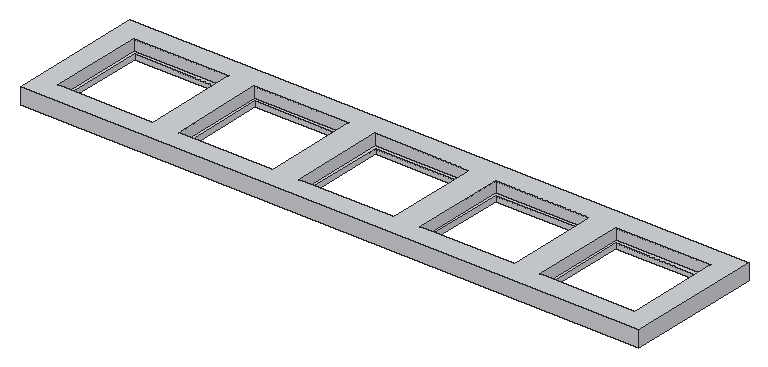
Revit family "Gira_021529", category Electrical Fixtures, host Face, Revit 2017
Family settings
  Host = Face
  Maintain Annotation Orientation = No
  Round Connector Dimension = Use Diameter
  Part Type = Normal
  Cut with Voids When Loaded = No
  Shared = No
  Room Calculation Point = No
Parameters (values of type "Cov.fr. 5-g Gira E2 p.white")
  With mounting grid = "No"
  With hinged lid = "No"
  URL = "http://katalog.gira.de/en/datenblatt.html?artikelnr=021529"
  Type of fastening = "Clamp mounting"
  Transparent = "No"
  Surface protection = "Other"
  Surface finishing = "Glossy"
  Suitable for wall duct = "No"
  Suitable for flush-mounted installation = "Yes"
  Suitable for floor box = "No"
  Suitable for built-in installation = "No"
  RAL-number (akin) = "9010"
  Number of units vertical = "5"
  Number of units horizontal = "5"
  Number of units = "5"
  Name = "Cov.fr. 5-g Gira E2 p.white"
  Mounting direction = "Horizontal and vertical"
  Material quality = "Thermoplastic"
  Material = "Plastic"
  Manufacturer URL = "https://www.gira.de/"
  Manufacturer = "Gira"
  Label space/information surface = "No"
  Keynote = ""
  HeinzeBIM = "https://bimportal.heinze.de/bim/cov-fr-5-g-gira-e2-p-white/96e8f5c18d2b8bbfb86580dad03402cc0c6295d3"
  Halogen free = "Yes"
  HAN = "021529"
  GTIN = "4010337215295"
  Description = "Cov.fr.5g E2 PW,Gira E2 cover frame,pure white glossy,5-gang,Features:,- Shatter-proof.,,Notes :,- Also suitable for duct installation.,- In connection with the seal kit, frame (1-gang to 5-gang) is also suitable for installation as water-protected flush-mounted IP44."
  Degree of protection (IP) = "IP20"
  Default Elevation = 1219.2 mm
  Data sheet (1) = "https://katalog.gira.de/en/download.html?artikelnr=021529"
  Colour = "White"
  Category = "Cover frame for domestic switching devices"
  BIM (1) = "https://media.stage.bim.site/public/gira/36a6b08/E2_Rahmen_5fach.rfa"
  Available = "No"
Reference planes
  plane 1 "Center (Front/Back)": y = 0
  plane 2: z = 0
  plane 3 "Center (Left/Right)": x = 0
Forms (mm)
  Extrusion 1, solid, detail levels fine
    sketch origin (0, 0, 0) x (1, 0, 0) y (0, 1, 0)
      loop
        line (183, 40.4) -> (-183, 40.4) -> (-183, -40.4) -> (183, -40.4) -> (183, 40.4)
      loop
        line (114.548, 28.052) -> (114.548, -28.052) -> (170.652, -28.052) -> (170.652, 28.052) -> (114.548, 28.052)
      loop
        line (43.248, 28.052) -> (43.248, -28.052) -> (99.352, -28.052) -> (99.352, 28.052) -> (43.248, 28.052)
      loop
        line (-28.052, 28.052) -> (-28.052, -28.052) -> (28.052, -28.052) -> (28.052, 28.052) -> (-28.052, 28.052)
      loop
        line (-99.352, 28.052) -> (-99.352, -28.052) -> (-43.248, -28.052) -> (-43.248, 28.052) -> (-99.352, 28.052)
      loop
        line (-170.652, 28.052) -> (-170.652, -28.052) -> (-114.548, -28.052) -> (-114.548, 28.052) -> (-170.652, 28.052)
    from 0 to 9.3
  Extrusion 2, solid, detail levels fine
    sketch origin (-142.5, 0, 0) x (1, 0, 0) y (0, 1, 0)
      loop
        line (-28.152, -28.152) -> (28.152, -28.152) -> (28.152, 28.152) -> (-28.152, 28.152) -> (-28.152, -28.152)
      loop
        line (25.9, -25.7) -> (25.9, 25.7) -> (-25.9, 25.7) -> (-25.9, -25.7) -> (25.9, -25.7)
    from 0 to 3
  Extrusion 3, solid, detail levels coarse+medium
    sketch origin (0, 0, 0) x (1, 0, 0) y (0, 1, 0)
      loop
        line (183, 40.4) -> (-183, 40.4) -> (-183, -40.4) -> (183, -40.4) -> (183, 40.4)
    from 0 to 9.3
  Extrusion 4, solid, detail levels fine
    sketch origin (0.1, -0.047, 0) x (1, 0, 0) y (0, 1, 0)
      loop
        line (-28.152, -28.106) -> (28.152, -28.106) -> (28.152, 28.199) -> (-28.152, 28.199) -> (-28.152, -28.106)
      loop
        line (25.9, -25.653) -> (25.9, 25.747) -> (-25.9, 25.747) -> (-25.9, -25.653) -> (25.9, -25.653)
    from 0 to 3
  Extrusion 5, solid, detail levels fine
    sketch origin (142.5, -0.047, 0) x (1, 0, 0) y (0, 1, 0)
      loop
        line (-27.952, -28.006) -> (28.152, -28.006) -> (28.152, 28.099) -> (-27.952, 28.099) -> (-27.952, -28.006)
      loop
        line (26, -25.653) -> (26, 25.747) -> (-25.9, 25.747) -> (-25.9, -25.653) -> (26, -25.653)
    from 0 to 3
  Extrusion 6, solid, detail levels fine
    sketch origin (71.2, -0.047, 0) x (1, 0, 0) y (0, 1, 0)
      loop
        line (-27.952, -28.006) -> (28.152, -28.006) -> (28.152, 28.099) -> (-27.952, 28.099) -> (-27.952, -28.006)
      loop
        line (26, -25.653) -> (26, 25.747) -> (-25.9, 25.747) -> (-25.9, -25.653) -> (26, -25.653)
    from 0 to 3
  Extrusion 7, solid, detail levels fine
    sketch origin (-71.2, -0.047, 0) x (1, 0, 0) y (0, 1, 0)
      loop
        line (-28.152, -28.106) -> (28.152, -28.106) -> (28.152, 28.199) -> (-28.152, 28.199) -> (-28.152, -28.106)
      loop
        line (25.9, -25.653) -> (25.9, 25.747) -> (-25.9, 25.747) -> (-25.9, -25.653) -> (25.9, -25.653)
    from 0 to 3
Dimensions and locks
  aligned and locked: plane 2 to host face
  aligned and locked: level to host face
